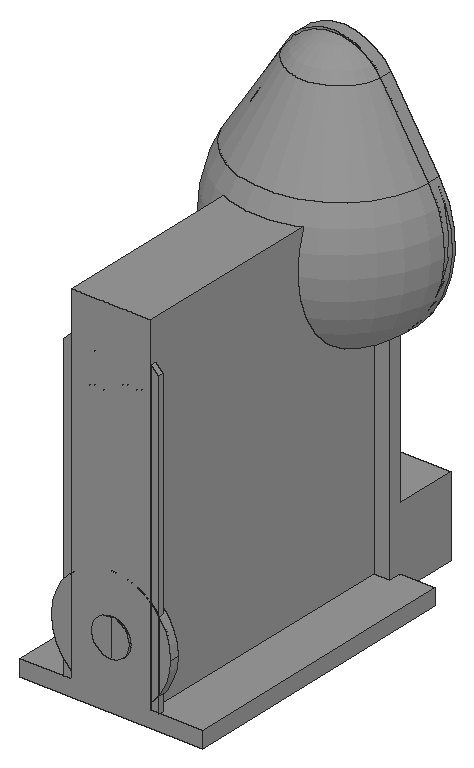
Revit family "Toilet-Willoughby-ETF-1490-FM-BS-HC", category Plumbing Fixtures, Revit 2015
Parameters (values of type "Standard")
  Waste DIA = 2 3/8"
  Waste Connection = yes
  W-RAD [instance] = Waste DIA / 2  # 0' - 1 3/16"
  Vent Connection = no
  URL = "https://www.willoughby-ind.com/wp-content/uploads/2017/12/ETF-1490-FM.pdf"
  Type Comments = ""
  Revision = "A"
  Model = "ETF-1490-FM-BS-HC"
  Manufacturer = "Willoughby Industries"
  HW Connection = no
  Flush inlet DIA = 1 1/2"
  Flush Inlet Connection = yes
  Fixture Body = Stainless Steel AISI 304-Willoughby
  F-RAD [instance] = Flush inlet DIA / 2  # 0' - 0 3/4"
  Description = "Floor Outlet, Floor Mounted, Siphon Jet Toilet, Back Spud, Handicap Seat Height"
  Default Elevation = 0' - 0"
  Contact Number = "(800) 428-4065"
  CW Connection = no
Reference planes (in)
  plane 1 "Base": y = -16.25
  plane 2: z = 0
  plane 3 "Center": x = 18.31072
  plane 4 "Waste height": y = -4.75
  plane 5: y = -1.25
  plane 6: z = -6.75
  plane 7: y = -2.125
  plane 8: y = -14.0625
  plane 9: y = 0.5
  plane 10: x = 16.56072
  plane 11: x = 20.06072
  plane 12: x = 11.56072
  plane 13: x = 25.06072
  plane 14: z = 23
  plane 15: z = 30.75
  plane 16: x = 15.81072
  plane 17: x = 20.81072
  plane 18: x = 15.81072
  plane 19: x = 20.81072
  plane 20: z = 4.25
  plane 21: x = 12.56072
  plane 22: x = 24.06072
  plane 23: y = 2.75
Forms (in)
  Extrusion 1, solid, material "Stainless Steel AISI 304-Willoughby" <- "Fixture Body"
    sketch origin (16.08109, 7.47968, -2.20225) x (-1, 0, 0) y (0, 0, -1)
      loop
        line (1.29775, -16.80087) -> (1.29775, -3.20225) -> (-5.72963, -3.20225) -> (-5.72963, -16.81676)
        arc (-5.72963, -16.81676) -> (-8.98136, -21.11843) -> (-8.21015, -26.45542) r 7
        line (-8.21015, -26.45542) -> (-5.16818, -31.31054)
        arc (-5.16818, -31.31054) -> (-2.20225, -32.95225) -> (0.76368, -31.31054) r 3.5
        line (0.76368, -31.31054) -> (3.80565, -26.45542)
        arc (3.80565, -26.45542) -> (4.5729, -21.10311) -> (1.29775, -16.80087) r 7
      loop
        arc (2.03989, -24.70557) -> (-2.20225, -18.23804) -> (-6.44438, -24.70557) r 4.625
        line (-6.44438, -24.70557) -> (-4.04125, -30.23842)
        arc (-4.04125, -30.23842) -> (-2.20225, -31.45225) -> (-0.36324, -30.23842) r 2
        line (-0.36324, -30.23842) -> (2.03989, -24.70557)
    from 8.72968 to 9.5
  Revolve 2, solid, material "Stainless Steel AISI 304-Willoughby" <- "Fixture Body"
    sketch origin (19.37246, -1.52032, 1.00169) x (-1, 0, 0) y (0, 0, -1)
      loop
        line (1.06174, -12.59906) -> (1.06174, -12.84906)
        arc (1.06174, -12.84906) -> (6.91177, -17.54136) -> (5.58904, -24.92315) r 7.34171
        line (5.58904, -24.92315) -> (3.81535, -27.91457)
        arc (3.81535, -27.91457) -> (2.63527, -29.03194) -> (1.06174, -29.43826) r 3.25
        line (1.06174, -29.43826) -> (1.06174, -29.68826)
        arc (1.06174, -29.68826) -> (2.75672, -29.25045) -> (4.02767, -28.04656) r 3.5
        line (4.02767, -28.04656) -> (7.06964, -23.19143)
        arc (7.06964, -23.19143) -> (7.15052, -16.14555) -> (1.06174, -12.59906) r 7
      axis (1.06174, -12.59906) -> (1.06174, -29.68826)
    angle from 0 to -180
  Extrusion 3, solid, material "Stainless Steel AISI 304-Willoughby" <- "Fixture Body"
    sketch origin (19.53334, -3.02032, -4.9508) x (0, 1, 0) y (0, 0, 1)
      loop
        line (-4.42257, 4.9508) -> (1.02643, 4.9508) -> (1.02643, 18.97156)
        arc (1.02643, 18.97156) -> (-2.31062, 20.32275) -> (-4.42257, 23.23845) r 6.52287
        line (-4.42257, 23.23845) -> (-4.42257, 4.9508)
    from 1.27686 to -3.72262
  Extrusion 4, solid, material "Stainless Steel AISI 304-Willoughby" <- "Fixture Body"
    sketch origin (18.31072, 0, -1) x (0, 1, 0) y (0, 0, 1)
      loop
        line (-1.25, 1) -> (2.75, 1) -> (2.75, 6) -> (-1.25, 6) -> (-1.25, 1)
    from -3.52738 to 3.5
  Extrusion 5, solid, material "Stainless Steel AISI 304-Willoughby" <- "Fixture Body"
    sketch origin (0, 0, 0) x (1, 0, 0) y (0, 1, 0)
      loop
        circle (18.31072, 0.5) r 0.75
    from 0 to 1
  Extrusion 6, solid, material "Stainless Steel AISI 304-Willoughby" <- "Fixture Body"
    sketch origin (0, -16.25, 0) x (1, 0, 0) y (0, 0, 1)
      loop
        line (24.06072, 0) -> (24.06072, 1) -> (12.56072, 1) -> (12.56072, 0) -> (24.06072, 0)
    from -15 to 3.25
  Extrusion 7, solid, material "Stainless Steel AISI 304-Willoughby" <- "Fixture Body"
    sketch origin (0, -16.25, 0) x (1, 0, 0) y (0, 0, 1)
      loop
        line (20.81072, 0) -> (20.81072, 23) -> (15.81072, 23) -> (15.81072, 0) -> (20.81072, 0)
    from 3.25 to -8.80711
  Revolve 8, solid, material "Stainless Steel AISI 304-Willoughby" <- "Fixture Body"
    sketch origin (18.31072, 0, 0) x (0, 1, 0) y (0, 0, 1)
      loop
        line (-19.56938, 4.25) -> (-17.53782, 4.25) -> (-17.53782, 5.4375) -> (-19.56938, 5.4375) -> (-19.56938, 4.25)
      axis (-17.53782, 4.25) -> (-19.56938, 4.25)
    angle from 0 to 360
  Extrusion 9, solid, material "Stainless Steel AISI 304-Willoughby" <- "Fixture Body"
    sketch origin (0, -16.25, 0) x (1, 0, 0) y (0, 0, 1)
      loop
        circle (18.31072, 4.25) r 3.75
    from 2.75 to 3.25
  Extrusion 10, solid, material "Stainless Steel AISI 304-Willoughby" <- "Fixture Body"
    sketch origin (0, -16.25, 0) x (1, 0, 0) y (0, 0, 1)
      loop
        line (20.81072, 1) -> (21.31072, 1) -> (21.31072, 20) -> (20.81072, 20.5) -> (15.81072, 20.5) -> (15.31072, 20) -> (15.31072, 1) -> (15.81072, 1) -> (20.81072, 1)
    from 3 to 3.25
Cuts and joins
  joined: Extrusion 1, Extrusion 3, Extrusion 4, Extrusion 6, Extrusion 7
Lines and regions (in)
  symbolic lines
    curve 1: line (12.56072, -16.25, 0) -> (12.56072, -1.25, 0)
    curve 2: line (12.56072, -1.25, 0) -> (24.06072, -1.25, 0)
    curve 3: line (24.06072, -1.25, 0) -> (24.06072, -16.25, 0)
    curve 4: line (24.06072, -16.25, 0) -> (12.56072, -16.25, 0)
    curve 5: line (14.78334, -1.25, 0) -> (14.78334, 2.75, 0)
    curve 6: line (14.78334, 2.75, 0) -> (21.81072, 2.75, 0)
    curve 7: line (21.81072, 2.75, 0) -> (21.81072, -1.25, 0)
    curve 8: line (11.28334, -2.02032, 0) -> (11.28334, -1.25, 0)
    curve 9: line (11.28334, -1.25, 0) -> (25.28334, -1.25, 0)
    curve 10: line (25.28334, -1.25, 0) -> (25.28334, -2.02032, 0)
    curve 11: arc (25.28334, -2.02032, 0) -> (23.08111, -6.64837, 0) -> (18.31072, -8.52239, 0) r 6.97585
    curve 12: arc (18.31072, -8.52239, 0) -> (13.52719, -6.64379, 0) -> (11.28334, -2.02032, 0) r 7.0627
    curve 13: line (15.81072, -8.06019, 0) -> (15.81072, -16.25, 0)
    curve 14: line (20.81072, -8.06397, 0) -> (20.81072, -16.25, 0)
    curve 23: arc (21.81072, -16.25, 14.61451) -> (25.06245, -16.25, 18.91618) -> (24.29124, -16.25, 24.25317) r 7
    curve 24: line (24.29124, -16.25, 24.25317) -> (21.24927, -16.25, 29.1083)
    curve 25: arc (21.24927, -16.25, 29.1083) -> (18.28334, -16.25, 30.75) -> (15.31741, -16.25, 29.1083) r 3.5
    curve 26: line (15.31741, -16.25, 29.1083) -> (12.35249, -16.25, 24.379)
    curve 27: arc (12.35249, -16.25, 24.379) -> (11.49002, -16.25, 18.97236) -> (14.78334, -16.25, 14.59862) r 7
    curve 28: line (12.56072, -16.25, 0) -> (24.06072, -16.25, 0)
    curve 29: line (24.06072, -16.25, 0) -> (24.06072, -16.25, 1)
    curve 30: line (24.06072, -16.25, 1) -> (21.81072, -16.25, 1)
    curve 31: line (14.78334, -16.25, 1) -> (12.56072, -16.25, 1)
    curve 32: line (12.56072, -16.25, 1) -> (12.56072, -16.25, 0)
    curve 39: line (18.31072, -16.25, 0) -> (18.31072, 2.75, 0)
    curve 40: line (18.31072, 2.75, 0) -> (18.31072, 2.75, 5)
    curve 41: line (18.31072, 2.75, 5) -> (18.31072, -1.25, 5)
    curve 42: line (18.31072, -1.25, 5) -> (18.31072, -1.25, 30.75)
    curve 43: line (18.31072, -1.25, 30.75) -> (18.31072, -2.02032, 30.75)
    curve 44: arc (18.31072, -2.02032, 30.75) -> (18.31072, -3.30775, 30.20786) -> (18.31072, -4.32667, 29.25224) r 3.95799
    curve 45: line (18.31072, -4.32667, 29.25224) -> (18.31072, -7.52822, 24.19312)
    curve 46: arc (18.31072, -7.52822, 24.19312) -> (18.31072, -7.8446, 23.61437) -> (18.31072, -8.08458, 23) r 5.16145
    curve 47: line (18.31072, -7.5944, 23) -> (18.31072, -16.25, 23)
    curve 48: line (18.31072, -16.25, 23) -> (18.31072, -16.25, 0)
    curve 49: line (18.31072, -16.25, 1) -> (18.31072, -2.02032, 1)
    curve 50: line (18.31072, -2.02032, 0) -> (18.31072, -2.02032, 14.0236)
    curve 51: arc (18.31072, -2.02032, 14.0236) -> (18.31072, -4.33607, 14.70091) -> (18.31072, -6.27296, 16.13962) r 6.84521
    curve 52: arc (18.31072, -6.27296, 16.13962) -> (18.31072, -7.60685, 18.26418) -> (18.31072, -8.03719, 20.73557) r 6.50212
    curve 53: arc (18.31072, -8.03719, 20.73557) -> (18.31072, -7.91305, 21.88681) -> (18.31072, -7.5944, 23) r 6.76463
    curve 54: line (14.78334, -16.25, 14.59862) -> (14.78334, -16.25, 1)
    curve 55: line (21.81072, -16.25, 14.61451) -> (21.81072, -16.25, 1)
    curve 56: line (21.81072, -16.25, 5) -> (14.78334, -16.25, 5)
  symbolic lines, detail levels fine
    curve 15: line (14.56072, -16.25, 0) -> (14.56072, -15.75, 0)
    curve 16: line (14.56072, -15.75, 0) -> (15.81072, -15.75, 0)
    curve 17: line (20.81072, -15.75, 0) -> (22.06072, -15.75, 0)
    curve 18: line (22.06072, -15.75, 0) -> (22.06072, -16.25, 0)
    curve 19: line (21.31072, -16.25, 0) -> (21.31072, -16, 0)
    curve 20: line (21.31072, -16, 0) -> (20.81072, -16, 0)
    curve 21: line (15.31072, -16.25, 0) -> (15.31072, -16, 0)
    curve 22: line (15.31072, -16, 0) -> (15.81072, -16, 0)
  symbolic lines, detail levels medium+fine
    curve 33: arc (14.78334, -16.25, 5.52282) -> (14.56072, -16.25, 4.25) -> (14.78334, -16.25, 2.97718) r 3.75
    curve 34: arc (21.81072, -16.25, 2.90371) -> (22.06072, -16.25, 4.25) -> (21.81072, -16.25, 5.59629) r 3.75
    curve 35: line (22.52547, -16.25, 22.50332) -> (20.12234, -16.25, 28.03617)
    curve 36: arc (20.12234, -16.25, 28.03617) -> (18.28334, -16.25, 29.2424) -> (16.44433, -16.25, 28.03617) r 2.00498
    curve 37: line (16.44433, -16.25, 28.03617) -> (14.0412, -16.25, 22.50332)
    curve 38: arc (14.0412, -16.25, 22.50332) -> (18.28334, -16.25, 16.0358) -> (22.52547, -16.25, 22.50332) r 4.625
Dimensions and locks (in)
  plane 1 "Base" to plane 4 "Waste height" = 0' - 11 1/2"
  plane 1 "Base" to plane 5 = 1' - 3"
  locked: plane 1 "Base" to plane 9 at 16.75
  level to plane 15 = 2' - 6 3/4"
  plane 21 to plane 22 = 0' - 11 1/2"  (x2)
  plane 13 to plane 22 = 0' - 1"
  plane 18 to plane 19 = 0' - 5"
  Revolve 8 sketch curve to Revolve 8 sketch curve = 0' - 1 3/16"
  "F-RAD": radius of Extrusion 5 sketch curve
  aligned and locked: plane 9 to Extrusion 5 sketch curve
  aligned and locked: plane 3 "Center" to Extrusion 5 sketch curve
  aligned and locked: Revolve 8 sketch curve to Revolve 8 sketch curve  (x2)
  aligned and locked: Extrusion 5 to level
  aligned and locked: Extrusion 6 to Extrusion 9
Automatic sketch dimensions
  Extrusion 1 sketch curve to Extrusion 1 sketch curve = 0' - 0"  (x8)
  level to Extrusion 1 sketch curve = 0' - 1"
  plane 3 "Center" to Extrusion 1 sketch curve = 0' - 5.98052"
  Extrusion 1 sketch curve to Extrusion 1 sketch curve = 0' - 1.76576"  (x2)
  plane 3 "Center" to Extrusion 1 sketch curve = 0' - 3 1/2"
  plane 3 "Center" to Extrusion 1 sketch curve = 0' - 2.93855"
  Extrusion 1 sketch curve to Extrusion 1 sketch curve = 0' - 1.12693"  (x2)
  Extrusion 1 sketch curve to plane 3 "Center" = 0' - 0.02738"  (x2)
  Extrusion 1 sketch curve to plane 3 "Center" = 0' - 1.86639"
  Extrusion 1 sketch curve to plane 3 "Center" = 0' - 3.52738"
  Extrusion 1 sketch curve to plane 3 "Center" = 0' - 4 69/256"
  Extrusion 1 sketch curve to Extrusion 1 sketch curve = 1' - 1.59862"
  Extrusion 1 sketch curve to Extrusion 1 sketch curve = 0' - 0.01589"
  Extrusion 1 sketch curve to Extrusion 1 sketch curve = 0' - 6.06218"
  Extrusion 1 sketch curve to Extrusion 1 sketch curve = 0' - 1.74985"
  Extrusion 1 sketch curve to Extrusion 1 sketch curve = 0' - 4.74668"
  Extrusion 1 sketch curve to Extrusion 1 sketch curve = 0' - 0.78617"
  Extrusion 1 sketch curve to Extrusion 1 sketch curve = 0' - 1.07212"
  Extrusion 4 sketch curve to level = 0' - 0"
  Extrusion 4 sketch curve to plane 5 = 0' - 0"
  Extrusion 4 sketch curve to plane 9 = 0' - 2 1/4"
  level to Extrusion 4 sketch curve = 0' - 5"
  Extrusion 6 sketch curve to level = 0' - 0"
  level to Extrusion 6 sketch curve = 0' - 1"
  plane 12 to Extrusion 6 sketch curve = 0' - 1"
  Extrusion 6 sketch curve to plane 13 = 0' - 1"
  Extrusion 7 sketch curve to level = 0' - 0"
  Extrusion 7 sketch curve to plane 10 = 0' - 0 3/4"
  plane 11 to Extrusion 7 sketch curve = 0' - 0 3/4"
  Extrusion 7 sketch curve to plane 14 = 0' - 0"
  Extrusion 3 sketch curve to level = 0' - 0"
  plane 4 "Waste height" to Extrusion 3 sketch curve = 0' - 2.69289"
  plane 7 to Extrusion 3 sketch curve = 0' - 0.13111"
  plane 5 to Extrusion 3 sketch curve = 0' - 0.05941"
  Extrusion 3 sketch curve to plane 14 = 0' - 2.49238"
  Extrusion 3 sketch curve to Extrusion 3 sketch curve = 0' - 6.48686"
  Revolve 2 sketch curve to plane 3 "Center" = 0' - 0"  (x3)
  plane 3 "Center" to Revolve 2 sketch curve = 0' - 0"
  Revolve 2 sketch curve to plane 11 = 0' - 0.72567"
  plane 18 to Revolve 2 sketch curve = 0' - 0.25361"
  Revolve 2 sketch curve to Revolve 2 sketch curve = 0' - 0.21232"
  plane 12 to Revolve 2 sketch curve = 0' - 0.7421"
  Revolve 2 sketch curve to plane 15 = 0' - 0.06005"
  Revolve 2 sketch curve to Revolve 2 sketch curve = 0' - 0 1/4"  (x2)
  Revolve 2 sketch curve to plane 15 = 0' - 1.70176"
  Revolve 2 sketch curve to Revolve 2 sketch curve = 0' - 0.13199"
  plane 14 to Revolve 2 sketch curve = 0' - 1.19312"
  Revolve 2 sketch curve to plane 14 = 0' - 1.87935"
  Revolve 2 sketch curve to Revolve 2 sketch curve = 0' - 0.51991"
  plane 18 to Revolve 2 sketch curve = 0' - 2.0273"
  plane 14 to Revolve 2 sketch curve = 0' - 0.93995"
  Revolve 2 sketch curve to Revolve 2 sketch curve = 0' - 2.4108"
  Extrusion 9 sketch curve to plane 3 "Center" = 0' - 0"
  Extrusion 9 sketch curve to plane 20 = 0' - 0"
  plane 18 to Extrusion 10 sketch curve = 0' - 0"  (x2)
  plane 19 to Extrusion 10 sketch curve = 0' - 0"  (x2)
  Extrusion 10 sketch curve to Extrusion 10 sketch curve = 0' - 0 1/2"  (x3)
  Extrusion 10 sketch curve to plane 19 = 0' - 0 1/2"
  level to Extrusion 10 sketch curve = 0' - 1"
  Extrusion 10 sketch curve to plane 14 = 0' - 3"
  Revolve 8 sketch curve to plane 20 = 0' - 0"
  plane 1 "Base" to Revolve 8 sketch curve = 0' - 3.31938"
  plane 8 to Revolve 8 sketch curve = 0' - 3.47532"
  Revolve 8 sketch curve to Revolve 8 sketch curve = 0' - 1.81938"
  plane 5 to curve 8 = 0' - 0"
  plane 5 to curve 2 = 0' - 0"
  curve 2 to plane 21 = 0' - 0"
  plane 1 "Base" to curve 15 = 0' - 0"
  curve 6 to plane 23 = 0' - 0"
  curve 22 to plane 18 = 0' - 0"
  curve 11 to plane 3 "Center" = 0' - 0"
  curve 12 to plane 3 "Center" = 0' - 0"
  curve 17 to plane 19 = 0' - 0"
  curve 4 to plane 22 = 0' - 0"
  curve 9 to plane 12 = 0' - 0.27738"
  curve 15 to plane 1 "Base" = 0' - 0 1/2"
  plane 18 to curve 15 = 0' - 1 1/4"
  plane 18 to curve 6 = 0' - 1.02738"
  plane 3 "Center" to curve 11 = 0' - 0.01288"
  plane 3 "Center" to curve 12 = 0' - 0.01304"
  curve 20 to curve 19 = 0' - 0 1/2"
  curve 6 to plane 19 = 0' - 1"
  curve 19 to curve 17 = 0' - 0 3/4"
  curve 2 to curve 10 = 0' - 1.22262"
  curve 20 to plane 1 "Base" = 0' - 0 1/4"
  curve 18 to curve 18 = 0' - 0 1/2"
  plane 7 to curve 8 = 0' - 0.10468"
  plane 7 to curve 10 = 0' - 0.10468"
  curve 21 to plane 1 "Base" = 0' - 0 1/4"
  plane 18 to curve 21 = 0' - 0 1/2"
  curve 49 to plane 1 "Base" = 0' - 0"
  curve 46 to plane 14 = 0' - 0"
  curve 43 to plane 15 = 0' - 0"
  curve 43 to plane 5 = 0' - 0"
  curve 41 to plane 23 = 0' - 0"
  curve 39 to level = 0' - 0"
  plane 4 "Waste height" to curve 47 = 0' - 2.8444"
  plane 14 to curve 45 = 0' - 1.19312"
  curve 53 to curve 45 = 0' - 0.06618"
  curve 45 to plane 4 "Waste height" = 0' - 0.42333"
  curve 46 to plane 7 = 0' - 1.04173"
  plane 7 to curve 43 = 0' - 0.10468"
  plane 5 to curve 52 = 0' - 0.2866"
  plane 5 to curve 51 = 0' - 0.03668"
  plane 5 to curve 53 = 0' - 0.02415"
  curve 44 to plane 5 = 0' - 0.09792"
  plane 20 to curve 42 = 0' - 0 3/4"
  curve 50 to plane 14 = 0' - 8.9764"
  curve 53 to plane 14 = 0' - 2.41138"
  curve 53 to curve 52 = 0' - 0.0057"
  curve 53 to curve 51 = 0' - 0.24076"
  curve 46 to plane 14 = 0' - 1.56695"
  curve 44 to curve 42 = 0' - 3.86159"
  curve 52 to curve 53 = 0' - 0"
  plane 7 to curve 49 = 0' - 0.10468"
  level to curve 49 = 0' - 1"
  curve 23 to curve 27 = 0' - 0"
  curve 23 to curve 38 = 0' - 0"  (x2)
  curve 27 to curve 38 = 0' - 0"
  curve 33 to curve 34 = 0' - 0"  (x2)
  plane 21 to curve 28 = 0' - 0"
  curve 34 to plane 3 "Center" = 0' - 0"
  plane 22 to curve 28 = 0' - 0"
  curve 32 to level = 0' - 0"
  curve 34 to plane 20 = 0' - 0"
  plane 21 to curve 26 = 0' - 0.20823"
  curve 37 to plane 14 = 0' - 0.49668"
  curve 37 to plane 21 = 0' - 1 123/256"
  plane 18 to curve 54 = 0' - 1.02738"
  plane 18 to curve 26 = 0' - 0.49331"
  curve 37 to plane 10 = 0' - 0.11639"
  curve 27 to plane 3 "Center" = 0' - 0.02738"
  curve 25 to plane 3 "Center" = 0' - 0.02738"
  curve 25 to curve 36 = 0' - 0"
  plane 11 to curve 35 = 0' - 0.06162"
  curve 24 to plane 19 = 0' - 0.43855"
  curve 55 to plane 19 = 0' - 1"
  curve 35 to plane 14 = 0' - 0.49668"
  curve 24 to plane 22 = 0' - 0.23052"
  level to curve 54 = 0' - 1"
  level to curve 55 = 0' - 1"
  curve 54 to curve 37 = 0' - 7.9047"
  curve 27 to curve 55 = 0' - 0.01589"
  curve 23 to plane 14 = 0' - 2.3392"
  curve 36 to plane 15 = 0' - 3.51258"
  curve 36 to curve 25 = 0' - 0.01258"
  curve 25 to curve 37 = 0' - 0.78617"
  curve 37 to curve 26 = 0' - 1.07212"
  curve 34 to plane 20 = 0' - 1.34629"
  curve 33 to plane 20 = 0' - 1.27282"
  curve 56 to curve 34 = 0' - 0.59629"
  radius of Extrusion 9 sketch curve = 0' - 3 3/4"
Connectors (in)
  piping at (18.31072, 0.5, 1), diameter 1.5, driven by "F-RAD", driven by "Flush Inlet Connection"
    settings: on Extrusion 5, index 2, connector inside diameter 1 1/2", connector length 0' - 0", flow factor 0, pipe flow 0 GPM, pressure drop 0.00 psi, fitting loss kfactor 0, connector angle 0.00°, fixture units 0, engagement length 0' - 0", angle of deflection 0.00°, flow configuration 0, flow direction 1, fitting loss method 0, system type 20, joint type 0, gender type 0, connector reference index -1, connector utility 1, adjustable connector no, is connector primary yes, connector description "Flush Inlet"
  piping at (18.31072, -19.56938, 4.25), diameter 2.375, driven by "W-RAD", driven by "Waste Connection"
    settings: on Revolve 8, index 4, connector inside diameter 24", connector length 0' - 0", flow factor 0, pipe flow 0 GPM, pressure drop 0.00 psi, fitting loss kfactor 0, connector angle 0.00°, fixture units 0, engagement length 0' - 0", angle of deflection 0.00°, flow configuration 0, flow direction 2, fitting loss method 0, system type 16, joint type 0, gender type 0, connector reference index -1, connector utility 1, adjustable connector no, is connector primary no, connector description "Toilet Waste"
